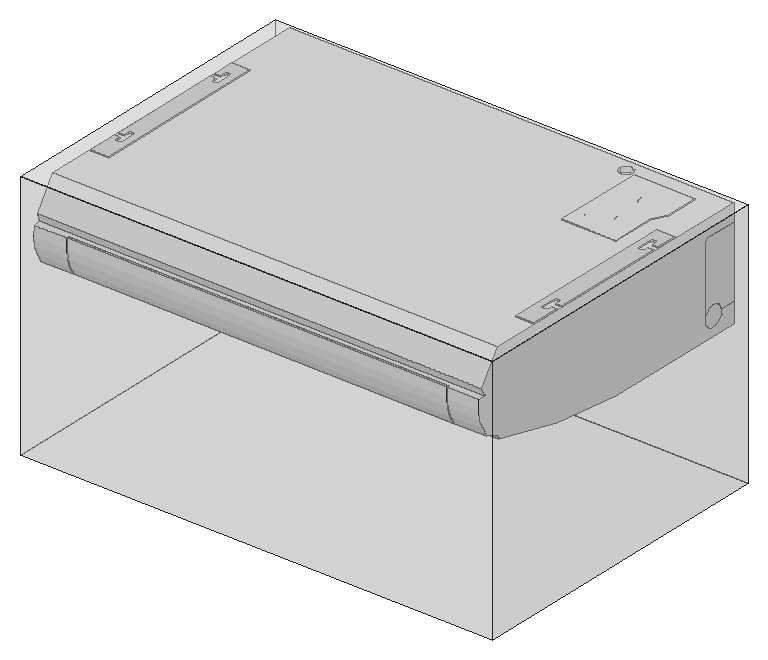
Revit family "outputfile", category 機械設備, Revit 2024
Family settings
  丸型コネクタ寸法 = 半径を使用
  パーツ タイプ = 標準
  OmniClass 番号 = 23.75.10.24.21.27.27
  OmniClass タイトル = Split System Air Conditioning Units
  作業面ベース = いいえ
  常に垂直 = はい
  ロード時にボイドで切り取り = いいえ
  注釈の向きを維持 = いいえ
  共有 = いいえ
  部屋計算ポイント = はい
Parameters (values of type "FHA50CVMV")
  Description = ""
  製造元 = "Daikin"
  書き出し IFC クラス(タイプ) = "IfcUnitaryEquipmentType"
  定義済み IFC タイプ(タイプ) = "AIRCONDITIONINGUNIT"
  Cost = 0
  モデル = "FHA50CVMV"
  Type Comments = ""
  Keynote = ""
  Type Image = (empty or 0)
  Assembly Code = ""
  switch_frequency = yes
  r_Liquid Pipe Size = Liquid Pipe Size / 2  # 4.75 mm
  r_Gas Pipe Size = Gas Pipe Size / 2  # 7.95 mm
  r_Drain Pipe Size = Drain Pipe Size / 2  # 10.0 mm
  l_powersupply [instance] = if(Rear Right Connection_powersupply, 29.0 mm, 175.0 mm)  # 29.0 mm
  h_mountinghole = 2.0 mm  # constant formula
  connector_voltage = Voltage_50Hz  # 230 V
  connector_powerinput = [Power Input (Cooling)]  # 1.100 kW
  connector_phase = Phase_50Hz  # 1
  angle_vertical_powersupply [instance] = if(Rear Right Connection_powersupply, 90.00°, 180.00°)  # 90.00°
  angle_vertical_drainpipe [instance] = if(or(Left Connection_drainpipe, Right Connection_drainpipe), 90.00°, if(Top Connection_drainpipe, 180.00°, -90.00°))  # -90.00°
  angle_horizontal_powersupply [instance] = if(Rear Right Connection_powersupply, 180.00°, 0.00°)  # 180.00°
  angle_horizontal_drainpipe [instance] = if(Right Connection_drainpipe, 90.00°, if(Left Connection_drainpipe, -90.00°, 0.00°))  # 0.00°
  Voltage_comment_60Hz = "220-230"
  Voltage_comment_50Hz = "220 - 240"
  Voltage_60Hz = 220 V
  Voltage_50Hz = 230 V
  URL = ""
  Top Connection_refrigerant [instance] = no
  Top Connection_powersupply [instance] = not(Rear Right Connection_powersupply)  # no
  Right Connection_refrigerant [instance] = no
  Rear Right Connection_refrigerant [instance] = yes
  Phase_60Hz = 1
  Phase_50Hz = 1
  Minimum Circuit Amps_60Hz = 0.0 A
  Minimum Circuit Amps_50Hz = 0.0 A
  Maximum Fuse Amps_60Hz = 0.0 A
  Maximum Fuse Amps_50Hz = 0.0 A
  Material_Casing = DAIKIN_White_Casing_indoorunit
  lw_powersupply [instance] = if(Rear Right Connection_powersupply, 220.0 mm, 210.0 mm)  # 220.0 mm
  lw_mountinghole_pitch = Width - 40.0 mm  # 920.0 mm
  lw_mountinghole = 20.0 mm  # constant formula
  lw_liquidpipe [instance] = if(Right Connection_refrigerant, 156.0 mm, if(Top Connection_refrigerant, 156.0 mm, 136.0 mm))  # 136.0 mm
  lw_gaspipe = 105.0 mm  # constant formula
  lw_drainpipe [instance] = if(Top Connection_drainpipe, 102.0 mm, if(Width = 960.0 mm, if(or(Left Connection_drainpipe, Rear Left Connection_drainpipe), 884.0 mm, 83.0 mm), if(Width = 1270.0 mm, if(or(Left Connection_drainpipe, Rear Left Connection_drainpipe), 1194.0 mm, 83.0 mm), if(Width = 1590.0 mm, if(or(Left Connection_drainpipe, Rear Left Connection_drainpipe), 1514.0 mm, 83.0 mm), 83.0 mm))))  # 83.0 mm
  lh_powersupply = 175.0 mm  # constant formula
  lh_liquidpipe [instance] = if(Rear Right Connection_refrigerant, 160.0 mm, 131.0 mm)  # 160.0 mm
  lh_gaspipe [instance] = if(Rear Right Connection_refrigerant, 150.0 mm, 91.0 mm)  # 150.0 mm
  lh_drainpipe = 197.0 mm  # constant formula
  l_antena = 1.0 mm  # constant formula
  ld_powersupply = 30.0 mm  # constant formula
  ld_mountinghole_pitch = 260.0 mm  # constant formula
  ld_mountinghole = 210.0 mm  # constant formula
  ld_liquidpipe [instance] = if(Right Connection_refrigerant, 57.0 mm, if(Top Connection_refrigerant, 189.0 mm, 221.0 mm))  # 221.0 mm
  ld_gaspipe [instance] = if(Right Connection_refrigerant, 57.0 mm, if(Top Connection_refrigerant, 163.0 mm, 214.0 mm))  # 214.0 mm
  ld_drainpipe [instance] = if(or(Left Connection_drainpipe, Right Connection_drainpipe), 57.0 mm, if(Top Connection_drainpipe, 87.0 mm, 268.0 mm))  # 268.0 mm
  l_liquidpipe_length [instance] = if(Right Connection_refrigerant, 156.0 mm, if(Top Connection_refrigerant, 131.0 mm, 220.0 mm))  # 220.0 mm
  l_gaspipe_length [instance] = if(Right Connection_refrigerant, 105.0 mm, if(Top Connection_refrigerant, 91.0 mm, 213.0 mm))  # 213.0 mm
  l_drainpipe_length [instance] = if(Right Connection_drainpipe, 83.0 mm, if(Top Connection_drainpipe, 197.0 mm, if(Left Connection_drainpipe, 76.0 mm, 267.0 mm)))  # 267.0 mm
  h*** = 0.0 mm  # constant formula
  angle_vertical [instance] = if(Right Connection_refrigerant, 90.00°, if(Top Connection_refrigerant, 180.00°, -90.00°))  # -90.00°
  angle_horizontal [instance] = if(Right Connection_refrigerant, 90.00°, 0.00°)  # 0.00°
  Width = 960.0 mm
  Version = "ver.1.0"
  Unit Type = "Ceiling"
  Unit Mass Weight = 25.00 kg
  Unit Designation [instance] = ""
  Uniclass2015Version = "Products v1.30"
  Uniclass2015Title = "Split coil room air conditioning units"
  Uniclass2015Code = "Pr_70_65_03_86"
  Total Cooling Capacity [instance] = 0.000 kW
  Top Connection_drainpipe [instance] = no
  Sound Pressure Level_M speed (dBA) = 35
  Sound Pressure Level_L speed (dBA) = 32
  Sound Pressure Level_H speed (dBA) = 37
  Series = "SkyAir_Fan Coil Unit"
  Sensible Cooling Capacity [instance] = 0.000 kW
  Rear Right Connection_drainpipe [instance] = yes
  Rear Right Connection_powersupply [instance] = yes
  Right Connection_drainpipe [instance] = no
  Refrigerant Type = "R32"
  Power Input (Cooling) = 1.100 kW
  Option Accessory 3 [instance] = ""
  Option Accessory 2 [instance] = ""
  Option Accessory 1 [instance] = ""
  Nominal Cooling Capacity = 5.000 kW
  Minimum Airflow = 600.00 m³/h
  Median Airflow = 720.00 m³/h
  Maximum Airflow = 900.00 m³/h
  Load Classification = HVAC
  Liquid Pipe Size = 9.5 mm
  Link_Nested Family [instance] = ""
  Rear Left Connection_drainpipe [instance] = no
  Left Connection_drainpipe [instance] = no
  IfcVersion = ""
  IfcExportType = "AIRCONDITIONINGUNIT"
  IfcExportAs = "IfcUnitaryEquipmentType"
  Height = 235.0 mm
  Heat Exchanger Type = "Cross Fin Coil"
  Gas Pipe Size = 15.9 mm
  Frequency_60Hz = 60 Hz
  Frequency_50Hz = 50 Hz
  Fan Type = "Sirocco Fan"
  Fan Drive = "-"
  FCU Tag No. [instance] = ""
  Drain Pipe Size = 20.0 mm
  Design Supply Airflow [instance] = 0.00 m³/h
  Design Outdoor Airflow [instance] = 0.00 m³/h
  Depth = 690.0 mm
  既定の高さ = 0.0 mm
  Cooling Entering Wet Bulb Temperature [instance] = 0.00 °C
  Cooling Entering Dry Bulb Temperature [instance] = 0.00 °C
  Cooling Ambient Wet Bulb Temperature [instance] = 0.00 °C
  Cooling Ambient Dry Bulb Temperature [instance] = 0.00 °C
  Clearance visibility [instance] = yes
  Clearance Top = 5.0 mm
  Clearance Right = 30.0 mm
  Clearance Rear = 0.0 mm
  Clearance Left = 30.0 mm
  Clearance Front = 0.0 mm
  Clearance Bottom = 300.0 mm
Reference planes
  plane 1 "Back": y = 0
  plane 2: z = 0
  plane 3 "Center (Left/Right)": x = 0
  plane 4 "Center (Front/Back)": y = -1
  plane 5 "Front": y = -690
  plane 6 "Left": x = -480
  plane 7 "Right": x = 480
  plane 8 "Top": z = 0
  plane 9 "Bottom": z = -235
  plane 10: y = -690
  plane 11: x = -510
  plane 12: x = 510
  plane 13: z = 5
  plane 14: z = -535
  plane 15: y = 0
  plane 16 "lw_mountinghole": x = -460
  plane 17 "lw_mountinghole2": x = 460
  plane 18 "ld_mountinghole": y = -210
  plane 19 "ld_mountinghole2": y = -470
  plane 20 "lw_gaspipe": x = 375
  plane 21 "ld_gaspipe": y = -214
  plane 22 "lh_gaspipe": z = -150
  plane 23 "lw_liquidpipe": x = 344
  plane 24 "ld_liquidpipe": y = -221
  plane 25 "lh_liquidpipe": z = -160
  plane 26 "ld_drainpipe": y = -268
  plane 27 "lw_drainpipe": x = 397
  plane 28 "lh_drainpipe": z = -197
  plane 29 "lw_powersupply": x = 260
  plane 30 "lh_powersupply": z = -175
  plane 31 "ld_powersupply": y = -30
  plane 32: x = -410.5
  plane 33: x = 410.5
  plane 34: x = -435
  plane 35: x = 435
  plane 36: x = -2
  plane 37: x = 2
Forms (mm)
  Extrusion 1, solid, material "DAIKIN_White_Casing_indoorunit" <- "Material_Casing"
    sketch origin (0, 0, 0) x (0, 1, 0) y (0, 0, 1)
      loop
        line (-639.277, 0) -> (-680.876, -61.699) -> (-675.026, -77.772)
        arc (-675.026, -77.772) -> (-681.815, -78.743) -> (-688.601, -79.732) r 2634.132
        arc (-688.601, -79.732) -> (-687.018, -121.096) -> (-669.159, -158.439) r 102.2
        line (-669.159, -158.439) -> (-639.858, -169.325) -> (-635.895, -178.261)
        arc (-635.895, -178.261) -> (-479.121, -215.759) -> (-319.077, -235) r 1400.997
        line (-319.077, -235) -> (-1, -235) -> (-1, 0) -> (-639.277, 0)
    from -480 to 480
  Extrusion 2, solid, material "DAIKIN_White_Casing_indoorunit" <- "Material_Casing"
    sketch origin (0, 0, 0) x (0, 1, 0) y (0, 0, 1)
      loop
        arc (-688.601, -79.732) -> (-687.018, -121.096) -> (-669.159, -158.439) r 102.2
        line (-669.159, -158.439) -> (-665.589, -154.869)
        arc (-665.589, -154.869) -> (-682.432, -118.783) -> (-683.39, -78.971) r 97.2
        arc (-683.39, -78.971) -> (-685.996, -79.351) -> (-688.601, -79.732) r 2634.132
    from -410.5 to 410.5
  Extrusion 3, void
    sketch origin (0, 0, 0) x (0, 1, 0) y (0, 0, 1)
      loop
        line (-301.098, -235) -> (-21.098, -235) -> (-21.098, -230) -> (-301.098, -230) -> (-301.098, -235)
    from -435 to 435
  Extrusion 4, solid, material "DAIKIN_White_Grille_indoorunit"
    sketch origin (0, 0, 0) x (0, 1, 0) y (0, 0, 1)
      loop
        line (-20.098, -230) -> (-301.098, -230) -> (-301.098, -235) -> (-20.098, -235) -> (-20.098, -230)
    from -435 to -2
  Extrusion 5, solid, material "DAIKIN_White_Casing_indoorunit" <- "Material_Casing"
    sketch origin (0, 0, 0) x (1, 0, 0) y (0, 0, 1)
      loop
        line (287, -63) -> (287, -178) -> (358, -220) -> (421, -220) -> (421, -63) -> (287, -63)
    from 0 to 1
  Extrusion 6, solid, material "DAIKIN_White_Casing_indoorunit" <- "Material_Casing"
    sketch origin (0, 0, 0) x (-1, 0, 0) y (0, -1, 0)
      loop
        line (-292, 35) -> (-292, 230) -> (-408, 230) -> (-408, 135) -> (-423, 105) -> (-423, 35) -> (-292, 35)
    from 0 to 1.9
  Extrusion 7, void
    sketch origin (480, 0, 0) x (0, 1, 0) y (0, 0, 1)
      loop
        arc (-79.5, -195) -> (-55.446, -217.446) -> (-34.715, -191.9) r 22.5
        line (-34.715, -191.9) -> (-1, -191.9) -> (-1, -190.1) -> (-35.04, -190.1)
        arc (-35.04, -190.1) -> (-54.942, -172.594) -> (-77.7, -186.182) r 22.5
        line (-77.7, -186.182) -> (-77.7, -43)
        arc (-77.7, -43) -> (-76.528, -40.172) -> (-73.7, -39) r 4
        line (-73.7, -39) -> (-1, -39) -> (-1, -37.2) -> (-73.7, -37.2)
        arc (-73.7, -37.2) -> (-77.801, -38.899) -> (-79.5, -43) r 5.8
        line (-79.5, -43) -> (-79.5, -195)
      loop
        circle (-57, -195) r 20.7
    from 0 to -10
  Extrusion 8, void
    sketch origin (-1444.026, -1, 1200) x (1, 0, 0) y (0, 0, 1)
      loop
        arc (1030.026, -1375) -> (1019.42, -1379.393) -> (1015.026, -1390) r 15
        line (1015.026, -1390) -> (1015.026, -1400)
        arc (1015.026, -1400) -> (1019.42, -1410.607) -> (1030.026, -1415) r 15
        line (1030.026, -1415) -> (1060.026, -1415)
        arc (1060.026, -1415) -> (1070.633, -1410.607) -> (1075.026, -1400) r 15
        line (1075.026, -1400) -> (1075.026, -1390)
        arc (1075.026, -1390) -> (1070.633, -1379.393) -> (1060.026, -1375) r 15
        line (1060.026, -1375) -> (1030.026, -1375)
    from 0 to 10
  Extrusion 9, void
    sketch origin (-480, 0, 0) x (0, 1, 0) y (0, 0, 1)
      loop
        circle (-57, -197) r 22.5
    from 0 to 10
  Extrusion 10, void
    sketch origin (-1444.026, -1, 1200) x (1, 0, 0) y (0, 0, 1)
      loop
        circle (1821.026, -1375) r 44
    from 0 to 10
  Extrusion 11, void
    sketch origin (0, 0, 0) x (-1, 0, 0) y (0, -1, 0)
      loop
        circle (-378, 87) r 30
    from 0 to -10
  Extrusion 12, void
    sketch origin (0, 0, 0) x (-1, 0, 0) y (0, -1, 0)
      loop
        circle (-375, 163) r 18
    from 0 to -10
  Extrusion 13, void
    sketch origin (0, 0, 0) x (-1, 0, 0) y (0, -1, 0)
      loop
        circle (-324, 189) r 13
    from 0 to -10
  Extrusion 14, void
    sketch origin (-1444.026, -1, 1200) x (1, 0, 0) y (0, 0, 1)
      loop
        circle (1704.026, -1375) r 14.5
    from 0 to 10
  Extrusion 15, void
    sketch origin (0, 0, 0) x (-1, 0, 0) y (0, -1, 0)
      loop
        circle (-270, 30) r 14.5
    from 0 to -10
  Extrusion 16, void
    sketch origin (480, 0, 0) x (0, 1, 0) y (0, 0, 1)
      loop
        arc (-665.589, -154.869) -> (-682.432, -118.783) -> (-683.39, -78.971) r 97.2
        arc (-683.39, -78.971) -> (-685.996, -79.351) -> (-688.601, -79.732) r 2634.132
        arc (-688.601, -79.732) -> (-687.018, -121.096) -> (-669.159, -158.439) r 102.2
        line (-669.159, -158.439) -> (-665.589, -154.869)
    from -69.5 to -890.5
  Extrusion 17, solid, material "DAIKIN_White_Casing_indoorunit" <- "Material_Casing"
    sketch origin (-480, 0, 0) x (0, 1, 0) y (0, 0, 1)
      loop
        circle (-57, -197) r 22.5
    from 0 to 10
  Extrusion 18, solid, material "DAIKIN_White_Grille_indoorunit"
    sketch origin (780, 0, 0) x (0, 1, 0) y (0, 0, 1)
      loop
        line (-20.098, -230) -> (-301.098, -230) -> (-301.098, -235) -> (-20.098, -235) -> (-20.098, -230)
    from -782 to -778
  Extrusion 19, solid, material "DAIKIN_White_Grille_indoorunit"
    sketch origin (0, 0, 0) x (0, 1, 0) y (0, 0, -1)
      loop
        line (-20.098, 230) -> (-20.098, 235) -> (-301.098, 235) -> (-301.098, 230) -> (-20.098, 230)
    from -435 to -2
Cuts and joins
  Extrusion 3, Extrusion 7, Extrusion 8, Extrusion 9, Extrusion 10, Extrusion 11, Extrusion 12, Extrusion 13, Extrusion 14, Extrusion 15, Extrusion 16 cuts Extrusion 1
Lines and regions (mm)
  reference lines
    curve 1: line (480, -580.282, -192.75) -> (480, -551.225, -200.21)
Dimensions and locks
  equal spacing: plane 6 "Left", plane 3 "Center (Left/Right)", plane 7 "Right"
  "Width": plane 6 "Left" to plane 7 "Right"
  "Depth": plane 5 "Front" to plane 1 "Back"
  "Height": plane 8 "Top" to plane 9 "Bottom"
  "Clearance Front": plane 10 to plane 5 "Front"
  "Clearance Left": plane 11 to plane 6 "Left"
  "Clearance Right": plane 7 "Right" to plane 12
  "Clearance Top": plane 13 to plane 8 "Top"
  "Clearance Bottom": plane 9 "Bottom" to plane 14
  "Clearance Rear": plane 1 "Back" to plane 15
  locked: plane 4 "Center (Front/Back)" to plane 1 "Back" at 1
  locked: Extrusion 1 sketch curve to Extrusion 1 sketch curve at 235
  locked: Extrusion 1 sketch curve to Extrusion 1 sketch curve at 318.077
  locked: Extrusion 1 sketch curve to Extrusion 1 sketch curve at 1163.297
  locked: Extrusion 1 sketch curve to Extrusion 1 sketch curve at 231.144
  Extrusion 3 sketch curve to Extrusion 3 sketch curve to plane 1 "Back" = 280.0 mm locked, 21.098 mm locked
  "ld_mountinghole": plane 18 "ld_mountinghole" to plane 1 "Back"
  "ld_mountinghole_pitch": plane 18 "ld_mountinghole" to plane 19 "ld_mountinghole2"
  "lw_mountinghole_pitch": plane 16 "lw_mountinghole" to plane 17 "lw_mountinghole2"
  "lw_mountinghole": plane 6 "Left" to plane 16 "lw_mountinghole"
  "lw_gaspipe": plane 20 "lw_gaspipe" to plane 7 "Right"
  "ld_gaspipe": plane 1 "Back" to plane 21 "ld_gaspipe"
  "lw_liquidpipe": plane 23 "lw_liquidpipe" to plane 7 "Right"
  "ld_liquidpipe": plane 1 "Back" to plane 24 "ld_liquidpipe"
  "lw_drainpipe": plane 27 "lw_drainpipe" to plane 7 "Right"
  "ld_drainpipe": plane 26 "ld_drainpipe" to plane 1 "Back"
  plane 8 "Top" to Extrusion 5 sketch curve to Extrusion 5 sketch curve = 63.0 mm locked, 157.0 mm locked
  plane 7 "Right" to Extrusion 5 sketch curve to Extrusion 5 sketch curve = 59.0 mm locked, 134.0 mm locked
  locked: Extrusion 5 sketch curve to Extrusion 5 sketch curve at 115
  locked: Extrusion 5 sketch curve to Extrusion 5 sketch curve at 63
  locked: Extrusion 6 sketch curve to Extrusion 6 sketch curve at 195
  locked: Extrusion 6 sketch curve to Extrusion 6 sketch curve at 116
  locked: Extrusion 6 sketch curve to Extrusion 6 sketch curve at 131
  locked: Extrusion 6 sketch curve to Extrusion 6 sketch curve at 100
  locked: Extrusion 6 sketch curve to plane 1 "Back" at 35
  locked: Extrusion 6 sketch curve to plane 7 "Right" at 57
  locked: Extrusion 8 sketch curve to Extrusion 8 sketch curve at 40
  locked: Extrusion 8 sketch curve to Extrusion 8 sketch curve at 60
  locked: plane 8 "Top" to Extrusion 8 sketch curve at 175
  locked: Extrusion 8 sketch curve to plane 6 "Left" at 51
  locked: plane 7 "Right" to Extrusion 10 sketch curve at 103
  locked: plane 8 "Top" to Extrusion 10 sketch curve at 175
  locked: Extrusion 11 sketch curve to plane 1 "Back" at 87
  locked: Extrusion 11 sketch curve to plane 7 "Right" at 102
  locked: Extrusion 12 sketch curve to plane 1 "Back" at 163
  locked: Extrusion 12 sketch curve to plane 7 "Right" at 105
  locked: Extrusion 13 sketch curve to plane 1 "Back" at 189
  locked: Extrusion 13 sketch curve to plane 7 "Right" at 156
  "lw_powersupply": plane 29 "lw_powersupply" to plane 7 "Right"
  "lh_gaspipe": plane 8 "Top" to plane 22 "lh_gaspipe"
  "lh_liquidpipe": plane 8 "Top" to plane 25 "lh_liquidpipe"
  "lh_powersupply": plane 8 "Top" to plane 30 "lh_powersupply"
  "lh_drainpipe": plane 8 "Top" to plane 28 "lh_drainpipe"
  "ld_powersupply": plane 1 "Back" to plane 31 "ld_powersupply"
  locked: plane 8 "Top" to Extrusion 7 sketch curve at 195
  locked: Extrusion 7 sketch curve to plane 1 "Back" at 57
  locked: plane 9 "Bottom" to Extrusion 7 sketch curve at 43.1
  locked: Extrusion 7 sketch curve to plane 8 "Top" at 39
  locked: Extrusion 7 sketch curve to plane 1 "Back" at 79.5
  locked: Extrusion 9 sketch curve to plane 1 "Back" at 57
  locked: plane 8 "Top" to Extrusion 9 sketch curve at 197
  locked: Extrusion 17 sketch curve to plane 1 "Back" at 57
  locked: plane 8 "Top" to Extrusion 17 sketch curve at 197
  locked: plane 7 "Right" to Extrusion 14 sketch curve at 220
  locked: plane 8 "Top" to Extrusion 14 sketch curve at 175
  locked: Extrusion 15 sketch curve to plane 7 "Right" at 210
  locked: Extrusion 15 sketch curve to plane 1 "Back" at 30
  locked: curve 1 to plane 9 "Bottom" at 34.79
  locked: curve 1 to plane 9 "Bottom" at 42.25
  locked: plane 6 "Left" to plane 32 at 69.5
  locked: plane 33 to plane 7 "Right" at 69.5
  locked: plane 35 to plane 7 "Right" at 45
  locked: plane 6 "Left" to plane 34 at 45
  plane 36 to plane 3 "Center (Left/Right)" to plane 37 = 2.0 mm locked, 2.0 mm locked
  locked: curve 1 to plane 9 "Bottom" (angle 14.40°)
  aligned and locked: level to plane 2
  aligned and locked: nested 1 to plane 11
  aligned and locked: nested 1 to plane 12
  aligned and locked: nested 1 to plane 10
  aligned and locked: plane 13 to nested 1
  aligned and locked: plane 14 to nested 1
  aligned and locked: plane 15 to nested 1
  aligned and locked: Extrusion 1 sketch curve to plane 8 "Top"
  aligned and locked: Extrusion 2 sketch curve to Extrusion 1  (x2)
  aligned and locked: plane 7 "Right" to Extrusion 1
  aligned and locked: Extrusion 1 to plane 6 "Left"
  aligned and locked: cut or joined group 1 (Extrusion 1, Extrusion 3, Extrusion 7, Extrusion 8, Extrusion 9, Extrusion 10, Extrusion 11, Extrusion 12, Extrusion 13, Extrusion 14, Extrusion 15, Extrusion 16) to Extrusion 3 sketch curve
  aligned and locked: cut or joined group 1 to Extrusion 4 sketch curve
  aligned and locked: Extrusion 5 to plane 4 "Center (Front/Back)"
  aligned and locked: Extrusion 7 sketch curve to plane 4 "Center (Front/Back)"
  aligned and locked: Extrusion 16 sketch curve to Extrusion 2  (x4)
  aligned and locked: Extrusion 16 to Extrusion 2  (x2)
  aligned and locked: nested 2 to plane 26 "ld_drainpipe"
  aligned and locked: plane 27 "lw_drainpipe" to nested 2
  aligned and locked: plane 20 "lw_gaspipe" to nested 3
  aligned and locked: nested 3 to plane 21 "ld_gaspipe"
  aligned and locked: plane 23 "lw_liquidpipe" to nested 4
  aligned and locked: nested 4 to plane 24 "ld_liquidpipe"
  aligned and locked: plane 25 "lh_liquidpipe" to nested 4
  aligned and locked: nested 5 to plane 31 "ld_powersupply"
  aligned and locked: plane 29 "lw_powersupply" to nested 5
  aligned and locked: nested 7 to plane 18 "ld_mountinghole"
  aligned and locked: plane 16 "lw_mountinghole" to nested 7
  aligned and locked: nested 6 to plane 19 "ld_mountinghole2"
  aligned and locked: plane 16 "lw_mountinghole" to nested 6
  aligned and locked: nested 9 to plane 18 "ld_mountinghole"
  aligned and locked: plane 17 "lw_mountinghole2" to nested 9
  aligned and locked: plane 17 "lw_mountinghole2" to nested 8
  aligned and locked: nested 8 to plane 19 "ld_mountinghole2"
  aligned and locked: nested 10 to curve 1
  aligned and locked: level to plane 8 "Top"
  aligned and locked: cut or joined group 1 to plane 32
  aligned and locked: plane 33 to cut or joined group 1
  aligned and locked: Extrusion 16 to plane 32
  aligned and locked: plane 33 to Extrusion 16
  aligned and locked: Extrusion 4 to plane 34
  aligned and locked: cut or joined group 1 to plane 34
  aligned and locked: plane 34 to Extrusion 4  (x3)
  aligned and locked: plane 16 "lw_mountinghole" to nested 11
  aligned and locked: plane 17 "lw_mountinghole2" to nested 12
  aligned and locked: plane 36 to Extrusion 4
  aligned and locked: Extrusion 18 to plane 36
  aligned and locked: plane 37 to Extrusion 18
  aligned and locked: Extrusion 19 to plane 37
  aligned and locked: plane 37 to Extrusion 19
  aligned and locked: plane 35 to Extrusion 19
  aligned and locked: plane 35 to Extrusion 3
  aligned and locked: Extrusion 4 to cut or joined group 1
  aligned and locked: cut or joined group 1 to Extrusion 18
  aligned and locked: cut or joined group 1 to Extrusion 19
Automatic sketch dimensions
  Extrusion 1 sketch curve to plane 4 "Center (Front/Back)" = 0.0 mm
  Extrusion 1 sketch curve to plane 5 "Front" = 102.2 mm
  Extrusion 1 sketch curve to plane 30 "lh_powersupply" = 3.261 mm
  Extrusion 1 sketch curve to plane 5 "Front" = 50.723 mm
  plane 30 "lh_powersupply" to Extrusion 1 sketch curve = 5.675 mm
  Extrusion 1 sketch curve to Extrusion 1 sketch curve = 3.963 mm
  plane 25 "lh_liquidpipe" to Extrusion 1 sketch curve = 1.561 mm
  Extrusion 1 sketch curve to plane 5 "Front" = 20.841 mm
  Extrusion 1 sketch curve to plane 5 "Front" = 14.974 mm
  Extrusion 1 sketch curve to plane 5 "Front" = 9.124 mm
  Extrusion 1 sketch curve to plane 26 "ld_drainpipe" = 37.278 mm
  Extrusion 1 sketch curve to plane 14 = 2150.825 mm
  plane 22 "lh_gaspipe" to Extrusion 1 sketch curve = 53.413 mm
  Extrusion 1 sketch curve to level = 77.772 mm
  Extrusion 1 sketch curve to Extrusion 1 sketch curve = 16.072 mm
  Extrusion 2 sketch curve to Extrusion 2 sketch curve = 0.0 mm  (x2)
  plane 25 "lh_liquidpipe" to Extrusion 2 sketch curve = 1.561 mm
  Extrusion 2 sketch curve to plane 22 "lh_gaspipe" = 4.869 mm
  Extrusion 2 sketch curve to Extrusion 2 sketch curve = 3.57 mm
  Extrusion 3 sketch curve to Extrusion 3 sketch curve = 5.0 mm
  plane 31 "ld_powersupply" to Extrusion 4 sketch curve = 9.902 mm
  Extrusion 4 sketch curve to Extrusion 4 sketch curve = 5.0 mm
  Extrusion 6 sketch curve to Extrusion 6 sketch curve = 30.0 mm
  Extrusion 7 sketch curve to Extrusion 7 sketch curve = 0.0 mm  (x6)
  Extrusion 7 sketch curve to plane 4 "Center (Front/Back)" = 0.0 mm  (x2)
  Extrusion 7 sketch curve to Extrusion 7 sketch curve = 1.8 mm  (x2)
  Extrusion 7 sketch curve to Extrusion 7 sketch curve = 4.0 mm
  Extrusion 7 sketch curve to Extrusion 7 sketch curve = 0.325 mm
  Extrusion 8 sketch curve to plane 32 = 3.5 mm  (x2)
  Extrusion 8 sketch curve to plane 28 "lh_drainpipe" = 3.0 mm
  Extrusion 8 sketch curve to Extrusion 8 sketch curve = 15.0 mm
  curve 1 to plane 5 "Front" = 109.718 mm
  Extrusion 18 sketch curve to plane 9 "Bottom" = 0.0 mm
  plane 9 "Bottom" to Extrusion 18 sketch curve = 5.0 mm
  Extrusion 18 sketch curve to plane 26 "ld_drainpipe" = 33.098 mm
  plane 31 "ld_powersupply" to Extrusion 18 sketch curve = 9.902 mm
  Extrusion 19 sketch curve to plane 9 "Bottom" = 0.0 mm
  plane 9 "Bottom" to Extrusion 19 sketch curve = 5.0 mm
  Extrusion 19 sketch curve to plane 26 "ld_drainpipe" = 33.098 mm
  plane 31 "ld_powersupply" to Extrusion 19 sketch curve = 9.902 mm
  Extrusion 4 sketch curve to plane 26 "ld_drainpipe" = 33.098 mm
  radius of Extrusion 7 sketch curve = 20.7 mm
  radius of Extrusion 9 sketch curve = 22.5 mm
  radius of Extrusion 10 sketch curve = 44.0 mm
  radius of Extrusion 11 sketch curve = 30.0 mm
  radius of Extrusion 12 sketch curve = 18.0 mm
  radius of Extrusion 13 sketch curve = 13.0 mm
  radius of Extrusion 14 sketch curve = 14.5 mm
  radius of Extrusion 15 sketch curve = 14.5 mm
  radius of Extrusion 17 sketch curve = 22.5 mm
Nested families
  nested 1: "daikin_clearancespace" at (0, -345, -264.881), visible <- "Clearance visibility", show <- "Clearance visibility", Link_Nested Family <- "Link_Nested Family", type "daikin_clearancespace"
    with width 1020.0 mm, show yes, height 540.0 mm, depth 690.0 mm, Link_Nested Family ""
  nested 2: "daikin_connector_rotate3" at (397, -268, -197), radius <- "r_Drain Pipe Size", angle_vertical <- "angle_vertical_drainpipe", angle_horizontal <- "angle_horizontal_drainpipe", length <- "l_drainpipe_length", type "daikin_connector_rotate3"
    with show no, radius 10.0 mm, length 267.0 mm, angle_vertical -90.00°, angle_horizontal 0.00°
  nested 3: "daikin_connector_rotate3" at (375, -214, -150), radius <- "r_Gas Pipe Size", angle_vertical <- "angle_vertical", angle_horizontal <- "angle_horizontal", length <- "l_gaspipe_length", type "daikin_connector_rotate3"
    with show no, radius 7.95 mm, length 213.0 mm, angle_vertical -90.00°, angle_horizontal 0.00°
  nested 4: "daikin_connector_rotate3" at (344, -221, -160), radius <- "r_Liquid Pipe Size", angle_vertical <- "angle_vertical", angle_horizontal <- "angle_horizontal", length <- "l_liquidpipe_length", type "daikin_connector_rotate3"
    with show no, radius 4.75 mm, length 220.0 mm, angle_vertical -90.00°, angle_horizontal 0.00°
  nested 5: "daikin_connector_rotate3" at (260, -30, -175), length <- "l_powersupply", angle_vertical <- "angle_vertical_powersupply", angle_horizontal <- "angle_horizontal_powersupply", type "daikin_connector_rotate3"
    with show no, radius 10.0 mm, length 29.0 mm, angle_vertical 90.00°, angle_horizontal 180.00°
  nested 6: "daikin_mountinghole" at (-460, -470, 0), l_antenna <- "l_antena", Link_Nested Family <- "Link_Nested Family", h_mountinghole <- "h_mountinghole", type "daikin_mountinghole"
    with show yes, l_antenna 1.0 mm, h_mountinghole 2.0 mm, Link_Nested Family ""
  nested 7: "daikin_mountinghole" at (-460, -210, 0), l_antenna <- "l_antena", Link_Nested Family <- "Link_Nested Family", h_mountinghole <- "h_mountinghole", type "daikin_mountinghole"
    with show yes, l_antenna 1.0 mm, h_mountinghole 2.0 mm, Link_Nested Family ""
  nested 8: "daikin_mountinghole" at (460, -470, 0), l_antenna <- "l_antena", Link_Nested Family <- "Link_Nested Family", h_mountinghole <- "h_mountinghole", type "daikin_mountinghole"
    with show yes, l_antenna 1.0 mm, h_mountinghole 2.0 mm, Link_Nested Family ""
  nested 9: "daikin_mountinghole" at (460, -210, 0), Link_Nested Family <- "Link_Nested Family", l_antenna <- "l_antena", h_mountinghole <- "h_mountinghole", type "daikin_mountinghole"
    with show yes, l_antenna 1.0 mm, h_mountinghole 2.0 mm, Link_Nested Family ""
  nested 10: "daikin_logo_plane_w40" at (332.963, -559.801, -198.008) x (1, 0, 0) z (0, -0.2487, -0.9686), type "daikin_logo_plane_w40"
    with show_logo yes
  nested 11: "daikin_hangerfixture_FHA-CVMV" at (-460, 0, 0), type "daikin_hangerfixture_FHA-CVMV"
    with width 38.0 mm, height 2.0 mm, depth 380.0 mm
  nested 12: "daikin_hangerfixture_FHA-CVMV" at (460, 0, 0) x (-1, 0, 0) z (0, 0, 1), type "daikin_hangerfixture_FHA-CVMV"
    with width 38.0 mm, height 2.0 mm, depth 380.0 mm
Connectors
  piping at (397, -1, -197), diameter 20, driven by "r_Drain Pipe Size"
    settings: on nested 2, index 1, connector inside diameter 609.6 mm, connector length 0.0 mm, flow factor 0, pipe flow 0.00 m³/h, pressure drop 0.0 Pa, fitting loss kfactor 0, connector angle 0.00°, fixture units 0, engagement length 0.0 mm, angle of deflection 0.00°, flow configuration 1, flow direction 2, fitting loss method 4, system type 16, joint type 0, gender type 0, connector reference index -1, connector utility 0, adjustable connector no, is connector primary yes, connector description "Condensate Drain Piping"
  piping at (375, -1, -150), diameter 15.9, driven by "r_Gas Pipe Size"
    settings: on nested 3, index 3, connector inside diameter 609.6 mm, connector length 0.0 mm, flow factor 0, pipe flow 0.00 m³/h, pressure drop 0.0 Pa, fitting loss kfactor 0, connector angle 0.00°, fixture units 0, engagement length 0.0 mm, angle of deflection 0.00°, flow configuration 1, flow direction 2, fitting loss method 0, system type 29, joint type 0, gender type 0, connector reference index -1, connector utility 0, adjustable connector no, is connector primary no, connector description "Refrigerant Gas Piping"
  piping at (344, -1, -160), diameter 9.5, driven by "r_Liquid Pipe Size"
    settings: on nested 4, index 4, connector inside diameter 609.6 mm, connector length 0.0 mm, flow factor 0, pipe flow 0.00 m³/h, pressure drop 0.0 Pa, fitting loss kfactor 0, connector angle 0.00°, fixture units 0, engagement length 0.0 mm, angle of deflection 0.00°, flow configuration 1, flow direction 1, fitting loss method 0, system type 29, joint type 0, gender type 0, connector reference index -1, connector utility 0, adjustable connector no, is connector primary no, connector description "Refrigerant Liquid Piping"
  electrical at (260, -1, -175), driven by "Load Classification", driven by "connector_powerinput", driven by "connector_phase", driven by "connector_voltage"
    settings: on nested 5, index 6, voltage 230 V, apparent load 1100 VA, apparent load phase1 0 VA, apparent load phase2 0 VA, apparent load phase3 0 VA, power factor 1, load classification "HVAC", number of poles 1, system type 30, power factor state 1, is connector primary yes, connector utility no, sub classification motor no, connector description "Power Supply"
Definition of nested family "daikin_clearancespace"
  Parameters (values of type "daikin_clearancespace")
    Description = "daikin_clearancespace"
    width [instance] = 1823.963 mm
    show [instance] = yes
    material = none
    height [instance] = 1359.762 mm
    depth [instance] = 880.0 mm
    Default Elevation = 0.0 mm
    Link_Nested Family [instance] = ""
  Reference planes
    plane 1 "Center (Front/Back)": y = 0
    plane 2 "Center (Elevation)": z = -0.119
    plane 3 "Center (Left/Right)": x = 0
    plane 4: y = 440
    plane 5: y = -440
    plane 6 "Right": x = 911.982
    plane 7 "Left": x = -911.982
    plane 8 "Top": z = 679.762
    plane 9 "Bottom": z = -680
  Forms (mm)
    Extrusion 1, solid, material <- "material", visible <- "show"
      sketch origin (0, 0, 0) x (1, 0, 0) y (0, 1, 0)
        loop
          line (-911.982, 440) -> (-911.982, -440) -> (911.982, -440) -> (911.982, 440) -> (-911.982, 440)
      from -680 to 679.762
  Lines and regions (mm)
    symbolic lines, visible <- "show"
      curve 1: line (911.982, 440, 0) -> (-911.982, 440, 0)
      curve 2: line (-911.982, 440, 0) -> (-911.982, -440, 0)
      curve 3: line (-911.982, -440, 0) -> (911.982, -440, 0)
      curve 4: line (911.982, -440, 0) -> (911.982, 440, 0)
      curve 5: line (911.982, 0, 679.762) -> (-911.982, 0, 679.762)
      curve 6: line (911.982, 0, -680) -> (911.982, 0, 679.762)
      curve 7: line (-911.982, 0, -680) -> (911.982, 0, -680)
      curve 8: line (-911.982, 0, 679.762) -> (-911.982, 0, -680)
      curve 9: line (0, 440, 679.762) -> (0, -440, 679.762)
      curve 10: line (0, -440, 679.762) -> (0, -440, -680)
      curve 11: line (0, 440, -680) -> (0, 440, 679.762)
      curve 12: line (0, -440, -680) -> (0, 440, -680)
  Dimensions and locks
    "width": plane 7 "Left" to plane 6 "Right"
    "depth": plane 4 to plane 5
    "height": plane 8 "Top" to plane 9 "Bottom"
    equal spacing: plane 7 "Left", plane 3 "Center (Left/Right)", plane 6 "Right"
    equal spacing: plane 4, plane 1 "Center (Front/Back)", plane 5
    equal spacing: plane 8 "Top", plane 2 "Center (Elevation)", plane 9 "Bottom"
    aligned and locked: level to plane 2 "Center (Elevation)"
    aligned and locked: Extrusion 1 sketch curve to plane 4
    aligned and locked: plane 7 "Left" to Extrusion 1 sketch curve
    aligned and locked: Extrusion 1 sketch curve to plane 5
    aligned and locked: Extrusion 1 sketch curve to plane 6 "Right"
    aligned and locked: plane 8 "Top" to Extrusion 1
    aligned and locked: curve 1 to Extrusion 1
    aligned and locked: curve 2 to Extrusion 1
    aligned and locked: curve 3 to Extrusion 1
    aligned and locked: curve 4 to Extrusion 1
    aligned and locked: curve 5 to Extrusion 1
    aligned and locked: curve 6 to Extrusion 1
    aligned and locked: curve 7 to Extrusion 1
    aligned and locked: curve 8 to Extrusion 1
    aligned and locked: curve 9 to Extrusion 1
    aligned and locked: curve 10 to Extrusion 1
    aligned and locked: curve 11 to Extrusion 1
    aligned and locked: curve 12 to Extrusion 1
    aligned and locked: Extrusion 1 to plane 9 "Bottom"
Definition of nested family "daikin_logo_plane_w40"
  Parameters (values of type "daikin_logo_plane_w40")
    width = 40.0 mm
    show_logo [instance] = yes
    material = none
    height = 0.0 mm
    depth = 0.0 mm
    Default Elevation = 1219.2 mm
  Reference planes
    plane 1 "Center (Front/Back)": y = 0
    plane 2: z = 0
    plane 3 "Center (Left/Right)": x = 0
    plane 4: z = 2
    plane 5 "left": x = -19
    plane 6: x = 19
  Forms (mm)
    Extrusion 1, solid, visible <- "show_logo"
      sketch origin (-19, 0, 0) x (1, 0, 0) y (0, 1, 0)
        loop
          line (8.902, -1.878) -> (7.789, -6.332) -> (11.13, -6.332)
          arc (11.13, -6.332) -> (12.454, -6.064) -> (13.472, -5.176) r 2.642
          arc (13.472, -5.176) -> (13.92, -4.02) -> (13.767, -2.79) r 2.537
          arc (13.767, -2.79) -> (13.452, -2.342) -> (12.982, -2.06) r 1.321
          arc (12.982, -2.06) -> (12.063, -1.902) -> (11.13, -1.878) r 6.479
          line (11.13, -1.878) -> (8.902, -1.878)
        loop
          line (10.016, -5.441) -> (10.907, -5.441)
          arc (10.907, -5.441) -> (11.591, -4.983) -> (11.988, -4.261) r 1.742
          spline (11.988, -4.261) -> (12.01, -4.155) -> (12.027, -4.03) -> (12.037, -3.893) -> (12.037, -3.747) -> (12.026, -3.598) -> (12.002, -3.451) -> (11.962, -3.31) -> (11.905, -3.181) -> (11.829, -3.069) -> (11.731, -2.978) -> (11.61, -2.913) -> (11.464, -2.88)
          line (11.464, -2.88) -> (10.573, -2.88) -> (10.016, -5.441)
        loop
          line (13.58, -6.332) -> (14.805, -6.332) -> (15.223, -5.553) -> (16.977, -5.553) -> (17.144, -6.332) -> (19.149, -6.332) -> (18.258, -1.878) -> (16.03, -1.878) -> (13.58, -6.332)
        loop
          line (16.476, -3.214) -> (15.76, -4.551) -> (16.762, -4.551) -> (16.476, -3.214)
        loop
          line (19.705, -6.332) -> (21.599, -6.332) -> (22.712, -1.878) -> (20.819, -1.878) -> (19.705, -6.332)
        loop
          line (22.712, -6.332) -> (24.606, -6.332) -> (24.908, -5.122) -> (25.831, -6.332) -> (28.17, -6.332) -> (26.388, -3.994) -> (28.949, -1.878) -> (26.945, -1.878) -> (25.401, -3.153) -> (25.719, -1.878) -> (23.826, -1.878) -> (22.712, -6.332)
        loop
          line (29.84, -1.878) -> (28.615, -6.332) -> (30.62, -6.332) -> (31.734, -1.878) -> (29.84, -1.878)
        loop
          line (31.734, -6.332) -> (33.07, -6.332) -> (33.7, -3.814) -> (34.518, -6.332) -> (36.745, -6.332) -> (37.859, -1.878) -> (36.523, -1.878) -> (35.845, -4.589) -> (34.963, -1.878) -> (32.847, -1.878) -> (31.734, -6.332)
      from 0 to 2
    Extrusion 2, solid, visible <- "show_logo"
      sketch origin (-19, 0, 0) x (1, 0, 0) y (0, 1, 0)
        loop
          line (8.7, 0) -> (4.235, 0) -> (0, -3.879) -> (0, -8) -> (8.7, 0)
      from 0 to 2
    Extrusion 3, solid, visible <- "show_logo"
      sketch origin (-19, 0, 0) x (1, 0, 0) y (0, 1, 0)
        loop
          line (0, 0) -> (0, -3.879) -> (4.235, 0) -> (0, 0)
      from 0 to 2
  Dimensions and locks
    plane 4 to plane 2 = 2.0 mm
    equal spacing: plane 5 "left", plane 3 "Center (Left/Right)", plane 6
    locked: plane 5 "left" to plane 6 at 38
    aligned and locked: level to plane 2
    aligned and locked: Extrusion 3 to plane 1 "Center (Front/Back)"  (x2)
    aligned and locked: Extrusion 2 to plane 1 "Center (Front/Back)"  (x2)
    aligned and locked: plane 4 to Extrusion 1
    aligned and locked: plane 4 to Extrusion 3
    aligned and locked: plane 4 to Extrusion 2
    aligned and locked: Extrusion 3 to plane 5 "left"
    aligned and locked: Extrusion 2 to plane 5 "left"
  Automatic sketch dimensions
    Extrusion 1 sketch curve to Extrusion 1 sketch curve = 0.901 mm
    Extrusion 1 sketch curve to Extrusion 1 sketch curve = 1.559 mm
    Extrusion 1 sketch curve to Extrusion 1 sketch curve = 1.327 mm
    Extrusion 1 sketch curve to Extrusion 1 sketch curve = 2.145 mm
    Extrusion 1 sketch curve to Extrusion 1 sketch curve = 1.448 mm
    Extrusion 1 sketch curve to Extrusion 1 sketch curve = 2.116 mm
    Extrusion 1 sketch curve to Extrusion 1 sketch curve = 1.114 mm  (x4)
    Extrusion 1 sketch curve to Extrusion 1 sketch curve = 1.336 mm  (x2)
    plane 1 "Center (Front/Back)" to Extrusion 1 sketch curve = 1.878 mm  (x5)
    Extrusion 1 sketch curve to Extrusion 1 sketch curve = 1.893 mm  (x5)
    Extrusion 1 sketch curve to Extrusion 1 sketch curve = 0.891 mm  (x4)
    Extrusion 1 sketch curve to Extrusion 1 sketch curve = 2.005 mm  (x3)
    Extrusion 1 sketch curve to Extrusion 1 sketch curve = 0.445 mm  (x2)
    plane 1 "Center (Front/Back)" to Extrusion 1 sketch curve = 3.994 mm
    Extrusion 1 sketch curve to Extrusion 1 sketch curve = 0.557 mm  (x2)
    Extrusion 1 sketch curve to Extrusion 1 sketch curve = 2.339 mm  (x2)
    Extrusion 1 sketch curve to Extrusion 1 sketch curve = 1.225 mm  (x3)
    plane 1 "Center (Front/Back)" to Extrusion 1 sketch curve = 3.153 mm
    Extrusion 1 sketch curve to Extrusion 1 sketch curve = 0.987 mm
    plane 1 "Center (Front/Back)" to Extrusion 1 sketch curve = 5.122 mm
    Extrusion 1 sketch curve to Extrusion 1 sketch curve = 0.922 mm
    plane 1 "Center (Front/Back)" to Extrusion 1 sketch curve = 6.332 mm
    Extrusion 1 sketch curve to Extrusion 1 sketch curve = 2.562 mm
    plane 1 "Center (Front/Back)" to Extrusion 1 sketch curve = 5.553 mm
    Extrusion 1 sketch curve to Extrusion 1 sketch curve = 0.167 mm
    Extrusion 1 sketch curve to Extrusion 1 sketch curve = 0.215 mm
    plane 1 "Center (Front/Back)" to Extrusion 1 sketch curve = 3.214 mm
    Extrusion 1 sketch curve to Extrusion 1 sketch curve = 0.286 mm
    plane 1 "Center (Front/Back)" to Extrusion 1 sketch curve = 4.551 mm
    Extrusion 1 sketch curve to Extrusion 1 sketch curve = 1.002 mm
    Extrusion 1 sketch curve to Extrusion 1 sketch curve = 0.537 mm
    Extrusion 1 sketch curve to Extrusion 1 sketch curve = 0.418 mm
    Extrusion 1 sketch curve to Extrusion 1 sketch curve = 1.028 mm
    plane 1 "Center (Front/Back)" to Extrusion 1 sketch curve = 4.261 mm
    Extrusion 1 sketch curve to Extrusion 1 sketch curve = 0.563 mm
    plane 1 "Center (Front/Back)" to Extrusion 1 sketch curve = 2.88 mm
    Extrusion 1 sketch curve to Extrusion 1 sketch curve = 1.088 mm
    Extrusion 1 sketch curve to Extrusion 1 sketch curve = 2.152 mm
    Extrusion 1 sketch curve to Extrusion 1 sketch curve = 0.586 mm
    Extrusion 1 sketch curve to Extrusion 1 sketch curve = 0.118 mm
    Extrusion 1 sketch curve to Extrusion 1 sketch curve = 0.298 mm
    Extrusion 1 sketch curve to Extrusion 1 sketch curve = 0.334 mm
    Extrusion 1 sketch curve to Extrusion 1 sketch curve = 0.223 mm
    Extrusion 1 sketch curve to Extrusion 1 sketch curve = 0.266 mm
    Extrusion 1 sketch curve to Extrusion 1 sketch curve = 1.671 mm
    Extrusion 1 sketch curve to Extrusion 1 sketch curve = 2.227 mm
    Extrusion 1 sketch curve to Extrusion 1 sketch curve = 0.0 mm  (x7)
    Extrusion 1 sketch curve to Extrusion 1 sketch curve = 3.453 mm
    Extrusion 1 sketch curve to Extrusion 1 sketch curve = 2.017 mm
    Extrusion 1 sketch curve to Extrusion 1 sketch curve = 0.78 mm  (x2)
    Extrusion 1 sketch curve to Extrusion 1 sketch curve = 1.743 mm
    Extrusion 1 sketch curve to Extrusion 1 sketch curve = 0.775 mm
    Extrusion 1 sketch curve to Extrusion 1 sketch curve = 0.552 mm
    Extrusion 1 sketch curve to Extrusion 1 sketch curve = 0.014 mm
    Extrusion 1 sketch curve to Extrusion 1 sketch curve = 0.952 mm
    Extrusion 1 sketch curve to Extrusion 1 sketch curve = 1.215 mm
    Extrusion 1 sketch curve to Extrusion 1 sketch curve = 0.108 mm
    plane 1 "Center (Front/Back)" to Extrusion 2 sketch curve = 0.0 mm
    Extrusion 2 sketch curve to plane 3 "Center (Left/Right)" = 19.0 mm
    Extrusion 2 sketch curve to plane 3 "Center (Left/Right)" = 14.765 mm
    Extrusion 2 sketch curve to Extrusion 2 sketch curve = 4.465 mm
    plane 1 "Center (Front/Back)" to Extrusion 2 sketch curve = 3.879 mm
    Extrusion 2 sketch curve to Extrusion 2 sketch curve = 4.12 mm
    plane 1 "Center (Front/Back)" to Extrusion 3 sketch curve = 0.0 mm
    Extrusion 3 sketch curve to plane 3 "Center (Left/Right)" = 19.0 mm
    Extrusion 3 sketch curve to plane 3 "Center (Left/Right)" = 14.765 mm
    plane 1 "Center (Front/Back)" to Extrusion 3 sketch curve = 3.879 mm
    Extrusion 1 sketch curve to plane 3 "Center (Left/Right)" = 11.211 mm
    Extrusion 1 sketch curve to Extrusion 1 sketch curve = 1.782 mm
Definition of nested family "daikin_hangerfixture_FHA-CVMV"
  Parameters (values of type "daikin_hangerfixture_FHA-CV2S")
    width = 44.0 mm
    material = none
    height = 155.0 mm
    depth = 33.0 mm
    Default Elevation = 0.0 mm
  Reference planes
    plane 1 "Center (Front/Back)": y = 0
    plane 2: z = 0
    plane 3 "Center (Left/Right)": x = 0
    plane 4: z = -2.3
    plane 5: z = -155
    plane 6: z = -12
  Forms (mm)
    Extrusion 1, solid
      sketch origin (0, 0, 0) x (1, 0, 0) y (0, 1, 0)
        loop
          line (20, -159) -> (-18, -159) -> (-18, -204) -> (-6, -204) -> (-6, -196)
          arc (-6, -196) -> (0, -190) -> (6, -196) r 6
          line (6, -196) -> (6, -224)
          arc (6, -224) -> (0, -230) -> (-6, -224) r 6
          line (-6, -224) -> (-6, -216) -> (-18, -216) -> (-18, -464) -> (-6, -464) -> (-6, -456)
          arc (-6, -456) -> (0, -450) -> (6, -456) r 6
          line (6, -456) -> (6, -484)
          arc (6, -484) -> (0, -490) -> (-6, -484) r 6
          line (-6, -484) -> (-6, -476) -> (-18, -476) -> (-18, -539) -> (20, -539) -> (20, -159)
      from 0 to 2
  Dimensions and locks
    plane 2 to plane 4 = 2.3 mm
    "height": plane 2 to plane 5
    locked: plane 2 to plane 6 at 12
    aligned and locked: level to plane 2
  Automatic sketch dimensions
    plane 3 "Center (Left/Right)" to Extrusion 1 sketch curve = 20.0 mm
    plane 1 "Center (Front/Back)" to Extrusion 1 sketch curve = 159.0 mm
    Extrusion 1 sketch curve to plane 3 "Center (Left/Right)" = 18.0 mm
    Extrusion 1 sketch curve to Extrusion 1 sketch curve = 380.0 mm
    Extrusion 1 sketch curve to Extrusion 1 sketch curve = 63.0 mm
    Extrusion 1 sketch curve to plane 3 "Center (Left/Right)" = 0.0 mm  (x4)
    plane 3 "Center (Left/Right)" to Extrusion 1 sketch curve = 6.0 mm
    Extrusion 1 sketch curve to Extrusion 1 sketch curve = 8.0 mm  (x4)
    Extrusion 1 sketch curve to Extrusion 1 sketch curve = 20.0 mm  (x2)
    Extrusion 1 sketch curve to Extrusion 1 sketch curve = 0.0 mm  (x2)
    Extrusion 1 sketch curve to Extrusion 1 sketch curve = 57.0 mm
    Extrusion 1 sketch curve to plane 3 "Center (Left/Right)" = 6.0 mm
Definition of nested family "daikin_connector_rotate3"
  Parameters (values of type "daikin_connector_rotate3")
    show [instance] = yes
    radius [instance] = 10.0 mm
    length [instance] = 600.0 mm
    angle_horizontal [instance] = 60.00°
    angle_vertical [instance] = 90.00°
    Default Elevation = 1219.2 mm
  Reference planes
    plane 1 "Center (Front/Back)": y = 0
    plane 2: z = 0
    plane 3 "Center (Left/Right)": x = 0
  Dimensions and locks
    "angle_horizontal": angle plane 3 "Center (Left/Right)" to nested 1
    aligned and locked: level to plane 2
    aligned and locked: plane 1 "Center (Front/Back)" to nested 1  (x2)
    aligned and locked: plane 3 "Center (Left/Right)" to nested 1
  Nested families
    nested 1: "daikin_connector_rotate2" at (0, 0, 0) x (0.5, 0.866, 0) z (0, 0, 1), angle_vertical <- "angle_vertical", length <- "length", radius <- "radius", type "daikin_connector_rotate2"
      with radius 10.0 mm, length 600.0 mm, angle_vertical 90.00°
  Definition of nested family "daikin_connector_rotate2"
    Parameters (values of type "daikin_connector_rotate2")
      show_face = yes
      radius [instance] = 10.0 mm
      length [instance] = 600.0 mm
      d_surface = 10.0 mm
      angle_vertical [instance] = 90.00°
      Default Elevation = 0.0 mm
    Reference planes
      plane 1 "Center (Front/Back)": y = 0
      plane 2: z = 0
      plane 3 "Center (Left/Right)": x = 0
    Forms (mm)
      Extrusion 1, solid, visible <- "show_face"
        sketch origin (0, -600, 0) x (1, 0, 0) y (0, 0, 1)
          loop
            circle (0, 0) r 10
        from 0 to -10
    Lines and regions (mm)
      reference lines
        curve 1: line (0, 0, 0) -> (0, -600, 0)
      symbolic lines
        curve 2: circle (0, 0, 0) r 5 normal (0, 0, 1)
      model lines, visible <- "show_face"
        curve 3: line (0, 0, 0) -> (0, -600, 0)
    Dimensions and locks
      "length": curve 1 to curve 1
      "length": curve 3 to curve 3
      "d_surface": Extrusion 1 to Extrusion 1
      "radius": radius of Extrusion 1 sketch curve
      "angle_vertical": angle curve 1 to plane 1 "Center (Front/Back)"
      "angle_vertical": angle curve 3 to plane 1 "Center (Front/Back)"
      aligned and locked: level to plane 2
      aligned and locked: plane 1 "Center (Front/Back)" to curve 1
      aligned and locked: plane 2 to curve 1
      aligned and locked: plane 1 "Center (Front/Back)" to curve 2
      aligned and locked: plane 3 "Center (Left/Right)" to curve 2
      aligned and locked: plane 1 "Center (Front/Back)" to curve 3
      aligned and locked: plane 2 to curve 3
      aligned and locked: Extrusion 1 to Extrusion 1
    Automatic sketch dimensions
      Extrusion 1 sketch curve to level = 0.0 mm
      Extrusion 1 sketch curve to plane 3 "Center (Left/Right)" = 0.0 mm
      radius of curve 2 = 5.0 mm
Definition of nested family "daikin_mountinghole"
  Parameters (values of type "daikin_mountinghole")
    Default Elevation = 1219.2 mm
    Type Comments = "mountinghole"
    show [instance] = yes
    material = none
    l_centerline = 100.0 mm
    l_antenna [instance] = 100.0 mm
    h_mountinghole [instance] = 0.0 mm
    d_circle = 30.0 mm
    Link_Nested Family [instance] = ""
  Reference planes
    plane 1 "Center (Front/Back)": y = 0
    plane 2: z = 0
    plane 3 "Center (Left/Right)": x = 0
    plane 4: y = 50
    plane 5: x = -50
    plane 6: x = 50
    plane 7: y = -50
    plane 8 "h_mountinghole": z = 0
    plane 9: z = 100
  Lines and regions (mm)
    model lines, detail levels fine
      curve 1: circle (0, 0, 0) r 15 normal (0, 0, 1)
      curve 2: line (-50, 0, 0) -> (50, 0, 0)
      curve 3: line (0, 50, 0) -> (0, -50, 0)
    symbolic lines, detail levels fine
      curve 4: circle (0, 0, 0) r 15 normal (0, 0, 1)
      curve 5: line (-50, 0, 0) -> (50, 0, 0)
      curve 6: line (0, 50, 0) -> (0, -50, 0)
    model lines
      curve 7: line (0, 0, 100) -> (0, 0, 0)
  Dimensions and locks
    equal spacing: plane 4, plane 1 "Center (Front/Back)", plane 7
    "l_centerline": plane 4 to plane 7
    equal spacing: plane 5, plane 3 "Center (Left/Right)", plane 6
    "l_centerline": plane 5 to plane 6
    "l_antenna": plane 9 to plane 8 "h_mountinghole"
    "h_mountinghole": plane 8 "h_mountinghole" to plane 2
    "d_circle": diameter of curve 1
    "d_circle": diameter of curve 4
    aligned and locked: level to plane 2
    aligned and locked: plane 1 "Center (Front/Back)" to curve 1
    aligned and locked: plane 3 "Center (Left/Right)" to curve 1
    aligned and locked: plane 1 "Center (Front/Back)" to curve 2
    aligned and locked: curve 3 to plane 3 "Center (Left/Right)"
    aligned and locked: plane 6 to curve 2
    aligned and locked: plane 5 to curve 2
    aligned and locked: plane 4 to curve 3
    aligned and locked: plane 7 to curve 3
    aligned and locked: plane 1 "Center (Front/Back)" to curve 4
    aligned and locked: plane 3 "Center (Left/Right)" to curve 4
    aligned and locked: plane 6 to curve 5
    aligned and locked: plane 5 to curve 5
    aligned and locked: plane 1 "Center (Front/Back)" to curve 5
    aligned and locked: plane 4 to curve 6
    aligned and locked: plane 7 to curve 6
    aligned and locked: curve 6 to plane 3 "Center (Left/Right)"
    aligned and locked: curve 7 to plane 3 "Center (Left/Right)"
    aligned and locked: plane 9 to curve 7
    aligned and locked: plane 8 "h_mountinghole" to curve 7
